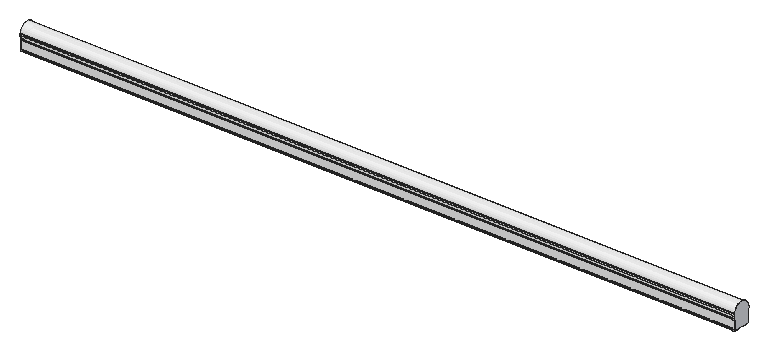
Revit family "LRK-STR", category Lighting Fixtures, host Face, Revit 2019
Family settings
  Host = Face
  Round Connector Dimension = Use Diameter
  Part Type = Normal
  OmniClass Number = 23.80.70.11.14.11
  OmniClass Title = Downlights
  Cut with Voids When Loaded = No
  Light Source = Yes
  Shared = No
  Room Calculation Point = No
Parameters (values of type "LRK-STR196-LED840K080LUNV")
  Width = 0' - 2 1/16"
  Wattage = 65.1301 W
  built-in parameter 1150110 = 1 (stored number, unit not read)
  Voltage = 120 V
  URL = "https://www.viscor.com/en/products/vru"
  built-in parameter 1114217 = 0.9 (stored number, unit not read)
  Tilt Angle = -90.00°
  built-in parameter 1150109 = 1 (stored number, unit not read)
  built-in parameter 1150134 = 12
  built-in parameter 1150113 = 1 (stored number, unit not read)
  Photometric Web File = "LRK-STR196-LED840K080LUNV.ies"
  Model = "LCOMN"  # constant formula
  Manufacturer = "VISIONEERING by VISCOR"  # constant formula
  built-in parameter 1150105 = 637.5 (stored number, unit not read)
  Lumens = 8011 lm
  built-in parameter 1150115 = 1 (stored number, unit not read)
  built-in parameter 1150137 = (empty or 0)
  built-in parameter 1150139 = (empty or 0)
  Lens Finish = Polycarbonate - Viscor - Frosted Round
  Length = 7' - 5 1/4"
  Lamp Wattage = 65 VA
  built-in parameter 1150112 = 1 (stored number, unit not read)
  built-in parameter 1150114 = 1 (stored number, unit not read)
  Lamp = "LED"  # constant formula
  built-in parameter 1150132 = 2
  built-in parameter 1150102 = (empty or 0)
  built-in parameter 1150107 = 4000 (stored number, unit not read)
  built-in parameter 1150138 = (empty or 0)
  built-in parameter 1150106 = 6.375 (stored number, unit not read)
  Housing Finish = Metal - Viscor - White
  Emit from Line Length = Length  # 7' - 5 1/4"
  built-in parameter 1150104 = 11.427 (stored number, unit not read)
  Dimming Lamp Color Temperature Shift = <None>
  Description = " LED Commercial Type N"  # constant formula
  Default Elevation = 4' - 0"
  Color Filter = 16777215
  built-in parameter 1114218 = 1 (stored number, unit not read)
  built-in parameter 1150133 = 10 (stored number, unit not read)
  Assembly Code = "D5020200"
  Apparent Load = Lamp Wattage  # 65 VA
Types (6): name | Wattage | Photometric Web File | built-in parameter 1150105 | Lumens | Length | Lamp Wattage | built-in parameter 1150132 | built-in parameter 1150106 | Emit from Line Length | built-in parameter 1150104 | Apparent Load
  (no name) | 65.1301 W | "LRK-STR196-LED840K080LUNV.ies" | 637.5 (stored number, unit not read) | 8011 lm | 7' - 5 1/4" | 65 VA | 2 | 6.375 (stored number, unit not read) | 7' - 5 1/4" | 11.427 (stored number, unit not read) | 65 VA
  LRK-STR124-LED840K020LUNV | 17.041 W | "LRK-STR124-LED840K020LUNV.IES" | 165.44 (stored number, unit not read) | 2079 lm | 1' - 10 7/8" | 17 VA | 2 | 1.6544 (stored number, unit not read) | 1' - 10 7/8" | 11.334 (stored number, unit not read) | 17 VA
  LRK-STR148-LED840K040LUNV | 33.9421 W | "LRK-STR148-LED840K040LUNV.IES" | 326.82 (stored number, unit not read) | 4107 lm | 3' - 8 7/8" | 34 VA | 2 | 3.2682 (stored number, unit not read) | 3' - 8 7/8" | 11.241 (stored number, unit not read) | 34 VA
  LRK-STR148-LED840K020LUNV | 17 W | "LRK-STR148-LED840K020LUNV.IES" | 160.99 (stored number, unit not read) | 2023 lm | 3' - 8 7/8" | 17 VA | (empty or 0) | 1.6099 (stored number, unit not read) | 3' - 8 7/8" | 11.055 (stored number, unit not read) | 17 VA
  LRK-STR196-LED840K040LUNV | 34 W | "LRK-STR196-LED840K040LUNV.ies" | 321.97 (stored number, unit not read) | 4046 lm | 7' - 5 1/4" | 34 VA | (empty or 0) | 3.2197 (stored number, unit not read) | 7' - 5 1/4" | 11.055 (stored number, unit not read) | 34 VA
  LRK-STR196-LED840K080LUNV | 65.1301 W | "LRK-STR196-LED840K080LUNV.ies" | 637.5 (stored number, unit not read) | 8011 lm | 7' - 5 1/4" | 65 VA | 2 | 6.375 (stored number, unit not read) | 7' - 5 1/4" | 11.427 (stored number, unit not read) | 65 VA
Reference planes (in)
  plane 1 "Center (Front/Back)": y = 0
  plane 2: z = 0
  plane 3 "Center (Left/Right)": x = 0
  plane 4: y = 1.03125
  plane 5: y = -1.03125
  plane 6 "Left": x = -44.625
  plane 7 "Right": x = 44.625
  plane 8 "Right End Plate": x = 44.59375
  plane 9 "Left End Plate": x = -44.59375
Forms (in)
  Extrusion 1, solid, material "Metal - Viscor - White" <- "Housing Finish"
    sketch origin (0, 0, 0) x (0, 1, 0) y (0, 0, 1)
      loop
        arc (0.9225, 0.093) -> (0.96634, 0.11116) -> (0.9845, 0.155) r 0.062
        line (0.9845, 0.155) -> (0.9845, 1.313) -> (1.02256, 1.35793)
        arc (1.02256, 1.35793) -> (1.03725, 1.398) -> (1.02256, 1.43807) r 0.062
        line (1.02256, 1.43807) -> (0.9845, 1.483) -> (0.9845, 1.833) -> (0.95325, 1.833) -> (0.95325, 1.47154) -> (0.99871, 1.41788)
        arc (0.99871, 1.41788) -> (1.006, 1.398) -> (0.99871, 1.37812) r 0.03075
        line (0.99871, 1.37812) -> (0.95325, 1.32446) -> (0.95325, 0.155)
        arc (0.95325, 0.155) -> (0.94424, 0.13326) -> (0.9225, 0.12425) r 0.03075
        line (0.9225, 0.12425) -> (0.74698, 0.12425) -> (0.63698, 0.03125) -> (0.36302, 0.03125) -> (0.25302, 0.12425) -> (-0.25302, 0.12425) -> (-0.36302, 0.03125) -> (-0.63698, 0.03125) -> (-0.74698, 0.12425) -> (-0.9225, 0.12425)
        arc (-0.9225, 0.12425) -> (-0.94424, 0.13326) -> (-0.95325, 0.155) r 0.03075
        line (-0.95325, 0.155) -> (-0.95325, 1.32446) -> (-0.99871, 1.37812)
        arc (-0.99871, 1.37812) -> (-1.006, 1.398) -> (-0.99871, 1.41788) r 0.03075
        line (-0.99871, 1.41788) -> (-0.95325, 1.47154) -> (-0.95325, 1.833) -> (-0.9845, 1.833) -> (-0.9845, 1.483) -> (-1.02256, 1.43807)
        arc (-1.02256, 1.43807) -> (-1.03725, 1.398) -> (-1.02256, 1.35793) r 0.062
        line (-1.02256, 1.35793) -> (-0.9845, 1.313) -> (-0.9845, 0.155)
        arc (-0.9845, 0.155) -> (-0.96634, 0.11116) -> (-0.9225, 0.093) r 0.062
        line (-0.9225, 0.093) -> (-0.75842, 0.093) -> (-0.64842, 0) -> (-0.35158, 0) -> (-0.24158, 0.093) -> (0.24158, 0.093) -> (0.35158, 0) -> (0.64842, 0) -> (0.75842, 0.093) -> (0.9225, 0.093)
    from -44.59375 to 44.59375
  Extrusion 2, solid, material "Metal - Viscor - White" <- "Housing Finish"
    sketch origin (0, 0, 0) x (0, 1, 0) y (0, 0, 1)
      loop
        line (0.99, 1.814) -> (0.99, 1.4905) -> (1.02125, 1.4905) -> (1.02125, 1.814)
        arc (1.02125, 1.814) -> (1.00067, 1.86367) -> (0.951, 1.88425) r 0.07025
        line (0.951, 1.88425) -> (-0.951, 1.88425)
        arc (-0.951, 1.88425) -> (-1.00067, 1.86367) -> (-1.02125, 1.814) r 0.07025
        line (-1.02125, 1.814) -> (-1.02125, 1.4905) -> (-0.99, 1.4905) -> (-0.99, 1.814)
        arc (-0.99, 1.814) -> (-0.97858, 1.84158) -> (-0.951, 1.853) r 0.039
        line (-0.951, 1.853) -> (0.951, 1.853)
        arc (0.951, 1.853) -> (0.97858, 1.84158) -> (0.99, 1.814) r 0.039
    from -44.59375 to 44.59375
  Extrusion 3, solid, material "Polycarbonate - Viscor - Frosted Round" <- "Lens Finish"
    sketch origin (0, 0, 0) x (0, 1, 0) y (0, 0, 1)
      loop
        arc (0.901, 1.883) -> (0.95686, 1.90614) -> (0.98, 1.962) r 0.079
        line (0.98, 1.962) -> (0.98, 1.993)
        arc (0.98, 1.993) -> (0, 2.973) -> (-0.98, 1.993) r 0.98
        line (-0.98, 1.993) -> (-0.98, 1.962)
        arc (-0.98, 1.962) -> (-0.95686, 1.90614) -> (-0.901, 1.883) r 0.079
        line (-0.901, 1.883) -> (-0.775, 1.883) -> (-0.775, 1.92206) -> (-0.901, 1.92206)
        arc (-0.901, 1.92206) -> (-0.92924, 1.93376) -> (-0.94094, 1.962) r 0.03994
        line (-0.94094, 1.962) -> (-0.94094, 1.993)
        arc (-0.94094, 1.993) -> (0, 2.93394) -> (0.94094, 1.993) r 0.94094
        line (0.94094, 1.993) -> (0.94094, 1.962)
        arc (0.94094, 1.962) -> (0.92924, 1.93376) -> (0.901, 1.92206) r 0.03994
        line (0.901, 1.92206) -> (0.775, 1.92206) -> (0.775, 1.883) -> (0.901, 1.883)
    from -44.59375 to 44.59375
  Extrusion 4, solid
    sketch origin (0, 0, 0) x (0, 1, 0) y (0, 0, 1)
      loop
        line (-1.031, 1.95) -> (-1.031, 1.378)
        arc (-1.031, 1.378) -> (-1.00686, 1.32891) -> (-0.95325, 1.31803) r 0.062
        line (-0.95325, 1.31803) -> (-0.95325, 0.155)
        arc (-0.95325, 0.155) -> (-0.94424, 0.13326) -> (-0.9225, 0.12425) r 0.03075
        line (-0.9225, 0.12425) -> (0.9225, 0.12425)
        arc (0.9225, 0.12425) -> (0.94424, 0.13326) -> (0.95325, 0.155) r 0.03075
        line (0.95325, 0.155) -> (0.95325, 1.31803)
        arc (0.95325, 1.31803) -> (1.00686, 1.32891) -> (1.031, 1.378) r 0.062
        line (1.031, 1.378) -> (1.031, 1.95)
        arc (1.031, 1.95) -> (0, 2.981) -> (-1.031, 1.95) r 1.031
    from 44.59375 to 44.625
  Extrusion 5, solid
    sketch origin (0, 0, 0) x (0, 1, 0) y (0, 0, -1)
      loop
        arc (-1.031, -1.95) -> (0, -2.981) -> (1.031, -1.95) r 1.031
        line (1.031, -1.95) -> (1.031, -1.378)
        arc (1.031, -1.378) -> (1.00686, -1.32891) -> (0.95325, -1.31803) r 0.062
        line (0.95325, -1.31803) -> (0.95325, -0.155)
        arc (0.95325, -0.155) -> (0.94424, -0.13326) -> (0.9225, -0.12425) r 0.03075
        line (0.9225, -0.12425) -> (-0.9225, -0.12425)
        arc (-0.9225, -0.12425) -> (-0.94424, -0.13326) -> (-0.95325, -0.155) r 0.03075
        line (-0.95325, -0.155) -> (-0.95325, -1.31803)
        arc (-0.95325, -1.31803) -> (-1.00686, -1.32891) -> (-1.031, -1.378) r 0.062
        line (-1.031, -1.378) -> (-1.031, -1.95)
    from 44.625 to 44.59375
Dimensions and locks (in)
  equal spacing: plane 4, plane 1 "Center (Front/Back)", plane 5
  "Width": plane 4 to plane 5
  equal spacing: plane 6 "Left", plane 3 "Center (Left/Right)", plane 7 "Right"
  "Length": plane 6 "Left" to plane 7 "Right"
  locked: plane 9 "Left End Plate" to plane 6 "Left" at 0.03125
  locked: plane 8 "Right End Plate" to plane 7 "Right" at 0.03125
  aligned and locked: plane 2 to host face
  aligned and locked: level to host face
  aligned and locked: Extrusion 1 to plane 9 "Left End Plate"
  aligned and locked: plane 8 "Right End Plate" to Extrusion 1
  aligned and locked: Extrusion 2 to plane 9 "Left End Plate"
  aligned and locked: plane 8 "Right End Plate" to Extrusion 2
  aligned and locked: Extrusion 3 to plane 9 "Left End Plate"
  aligned and locked: plane 8 "Right End Plate" to Extrusion 3
  aligned and locked: plane 7 "Right" to Extrusion 4
  aligned and locked: Extrusion 4 to plane 8 "Right End Plate"
  aligned and locked: Extrusion 5 to plane 6 "Left"
  aligned and locked: plane 9 "Left End Plate" to Extrusion 5
Automatic sketch dimensions
  host sketch curve to host sketch curve = 8' - 0"  (x2)
  Extrusion 1 sketch curve to Extrusion 1 sketch curve = 0' - 0"  (x8)
  Extrusion 1 sketch curve to level = 0' - 0"  (x2)
  plane 5 to Extrusion 1 sketch curve = 0' - 0.00869"  (x2)
  Extrusion 1 sketch curve to Extrusion 1 sketch curve = 0' - 0.02385"  (x2)
  plane 5 to Extrusion 1 sketch curve = 0' - 0.04675"  (x2)
  Extrusion 1 sketch curve to Extrusion 1 sketch curve = 0' - 0.02346"  (x3)
  Extrusion 1 sketch curve to Extrusion 1 sketch curve = 0' - 0 1/32"  (x3)
  Extrusion 1 sketch curve to Extrusion 1 sketch curve = 0' - 0.03075"
  level to Extrusion 1 sketch curve = 0' - 0.093"  (x3)
  Extrusion 1 sketch curve to Extrusion 1 sketch curve = 0' - 0 21/128"
  Extrusion 1 sketch curve to Extrusion 1 sketch curve = 0' - 0.01144"  (x8)
  Extrusion 1 sketch curve to Extrusion 1 sketch curve = 0' - 0.11"  (x4)
  level to Extrusion 1 sketch curve = 0' - 0 1/32"  (x2)
  Extrusion 1 sketch curve to Extrusion 1 sketch curve = 0' - 0.27396"  (x2)
  level to Extrusion 1 sketch curve = 0' - 0.12425"  (x2)
  Extrusion 1 sketch curve to plane 1 "Center (Front/Back)" = 0' - 0.24158"
  Extrusion 1 sketch curve to plane 4 = 0' - 0.10875"
  Extrusion 1 sketch curve to plane 4 = 0' - 0.078"  (x2)
  Extrusion 1 sketch curve to plane 4 = 0' - 0.056"
  Extrusion 1 sketch curve to plane 4 = 0' - 0.00869"  (x2)
  Extrusion 1 sketch curve to Extrusion 1 sketch curve = 0' - 1.158"  (x2)
  Extrusion 1 sketch curve to Extrusion 1 sketch curve = 0' - 0.01146"  (x4)
  Extrusion 1 sketch curve to Extrusion 1 sketch curve = 0' - 0.04493"  (x2)
  Extrusion 1 sketch curve to Extrusion 1 sketch curve = 0' - 0.0202"  (x2)
  Extrusion 1 sketch curve to Extrusion 1 sketch curve = 0' - 0.01988"  (x2)
  Extrusion 1 sketch curve to Extrusion 1 sketch curve = 0' - 0.05367"  (x2)
  Extrusion 1 sketch curve to Extrusion 1 sketch curve = 0' - 0.35"  (x2)
  Extrusion 2 sketch curve to Extrusion 2 sketch curve = 0' - 0"  (x4)
  plane 5 to Extrusion 2 sketch curve = 0' - 0.01"
  Extrusion 2 sketch curve to Extrusion 2 sketch curve = 0' - 0 1/32"
  Extrusion 2 sketch curve to Extrusion 2 sketch curve = 0' - 0.039"
  Extrusion 2 sketch curve to plane 4 = 0' - 0.08025"
  Extrusion 2 sketch curve to plane 4 = 0' - 0.04125"
  level to Extrusion 2 sketch curve = 0' - 1.4905"  (x2)
  Extrusion 2 sketch curve to Extrusion 2 sketch curve = 0' - 0.3235"
  Extrusion 3 sketch curve to Extrusion 3 sketch curve = 0' - 0"  (x7)
  Extrusion 3 sketch curve to plane 1 "Center (Front/Back)" = 0' - 0"
  plane 5 to Extrusion 3 sketch curve = 0' - 0.25625"
  Extrusion 3 sketch curve to Extrusion 3 sketch curve = 0' - 0.126"
  Extrusion 3 sketch curve to Extrusion 3 sketch curve = 0' - 0.03994"  (x2)
  Extrusion 3 sketch curve to Extrusion 3 sketch curve = 0' - 0 5/128"
  Extrusion 3 sketch curve to Extrusion 3 sketch curve = 0' - 0.16594"
  level to Extrusion 3 sketch curve = 0' - 1.883"
  Extrusion 3 sketch curve to Extrusion 3 sketch curve = 0' - 0.07094"
  Extrusion 4 sketch curve to plane 1 "Center (Front/Back)" = 0' - 0"
  plane 5 to Extrusion 4 sketch curve = 0' - 0.10875"
  Extrusion 4 sketch curve to Extrusion 4 sketch curve = 0' - 0.03075"  (x2)
  Extrusion 4 sketch curve to Extrusion 4 sketch curve = 0' - 0.01575"  (x2)
  plane 5 to Extrusion 4 sketch curve = 0' - 0.00025"
  Extrusion 4 sketch curve to plane 4 = 0' - 0.10875"
  level to Extrusion 4 sketch curve = 0' - 0.12425"
  Extrusion 4 sketch curve to Extrusion 4 sketch curve = 0' - 1.16303"  (x2)
  Extrusion 4 sketch curve to Extrusion 4 sketch curve = 0' - 0.572"
  Extrusion 5 sketch curve to plane 1 "Center (Front/Back)" = 0' - 0"
  plane 5 to Extrusion 5 sketch curve = 0' - 0.10875"
  Extrusion 5 sketch curve to Extrusion 5 sketch curve = 0' - 0.03075"  (x2)
  Extrusion 5 sketch curve to Extrusion 5 sketch curve = 0' - 0.01575"
  plane 5 to Extrusion 5 sketch curve = 0' - 0.00025"
  Extrusion 5 sketch curve to plane 4 = 0' - 0.10875"
  Extrusion 5 sketch curve to Extrusion 5 sketch curve = 0' - 0.062"
  level to Extrusion 5 sketch curve = 0' - 1.95"
  Extrusion 5 sketch curve to Extrusion 5 sketch curve = 0' - 0.572"  (x2)
  level to Extrusion 5 sketch curve = 0' - 0.155"
Connectors (in)
  electrical at (0, 0, 0.093), driven by "Voltage", driven by "Apparent Load"
    settings: on Extrusion 1, index 1, voltage 120 V, apparent load 0 VA, apparent load phase1 65 VA, apparent load phase2 0 VA, apparent load phase3 0 VA, power factor 1, load classification "Other", number of poles 1, system type 31, power factor state 1, is connector primary yes, connector utility no, sub classification motor no, connector description ""
